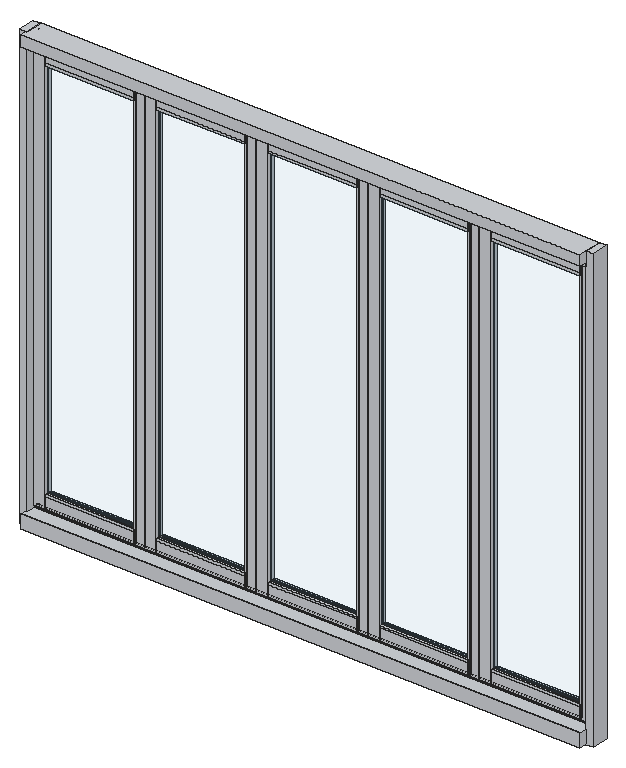
Revit family "MT-HB_BIFOLD DOOR_XXXXX", category Doors, host Wall, Revit 2017 (continued)
Definition of nested family "DETAIL_HB_DETAIL 7"
  Lines and regions (mm)
    model lines, in view "Ref. Level"
      curve 61: spline (25.676, 31.887, 0) -> (25.673, 31.852, 0) -> (25.676, 31.817, 0) -> (25.683, 31.782, 0) -> (25.695, 31.749, 0) -> (25.712, 31.717, 0) -> (25.733, 31.689, 0) -> (25.757, 31.664, 0) -> (25.785, 31.642, 0) -> (25.815, 31.625, 0) -> (25.847, 31.612, 0) -> (25.881, 31.604, 0) -> (25.916, 31.601, 0)
      curve 62: spline (21.71, 31.825, 0) -> (21.709, 31.791, 0) -> (21.713, 31.756, 0) -> (21.721, 31.723, 0) -> (21.734, 31.691, 0) -> (21.751, 31.661, 0) -> (21.771, 31.633, 0) -> (21.796, 31.609, 0) -> (21.823, 31.588, 0) -> (21.853, 31.572, 0) -> (21.885, 31.559, 0) -> (21.918, 31.552, 0) -> (21.952, 31.549, 0)
      curve 63: spline (32.889, -39.458, 0) -> (32.974, -39.457, 0) -> (33.058, -39.457, 0) -> (33.143, -39.457, 0) -> (33.227, -39.456, 0) -> (33.311, -39.456, 0) -> (33.395, -39.456, 0) -> (33.479, -39.455, 0) -> (33.563, -39.455, 0) -> (33.646, -39.455, 0) -> (33.73, -39.454, 0) -> (33.813, -39.454, 0) -> (33.896, -39.454, 0)
      curve 64: line (33.896, -39.454, 0) -> (32.889, -39.455, 0)
      curve 65: spline (140.208, -60.288, 0) -> (140.206, -60.243, 0) -> (140.203, -60.199, 0) -> (140.199, -60.154, 0) -> (140.194, -60.109, 0) -> (140.189, -60.063, 0) -> (140.183, -60.018, 0) -> (140.177, -59.972, 0) -> (140.169, -59.926, 0) -> (140.161, -59.88, 0) -> (140.153, -59.834, 0) -> (140.143, -59.788, 0) -> (140.133, -59.742, 0)
      curve 66: spline (140.133, -59.742, 0) -> (140.077, -59.525, 0) -> (140.007, -59.311, 0) -> (139.924, -59.102, 0) -> (139.828, -58.901, 0) -> (139.721, -58.711, 0) -> (139.605, -58.534, 0) -> (139.48, -58.372, 0) -> (139.349, -58.227, 0) -> (139.213, -58.101, 0) -> (139.074, -57.996, 0) -> (138.933, -57.912, 0) -> (138.792, -57.852, 0)
      curve 67: spline (138.993, -59.742, 0) -> (138.974, -59.536, 0) -> (138.954, -59.333, 0) -> (138.935, -59.134, 0) -> (138.916, -58.942, 0) -> (138.897, -58.758, 0) -> (138.879, -58.584, 0) -> (138.861, -58.422, 0) -> (138.845, -58.275, 0) -> (138.83, -58.143, 0) -> (138.816, -58.027, 0) -> (138.803, -57.93, 0) -> (138.792, -57.852, 0)
      curve 68: spline (139.006, -59.882, 0) -> (139.115, -59.922, 0) -> (139.225, -59.96, 0) -> (139.333, -59.998, 0) -> (139.44, -60.036, 0) -> (139.545, -60.072, 0) -> (139.649, -60.107, 0) -> (139.75, -60.141, 0) -> (139.848, -60.173, 0) -> (139.944, -60.204, 0) -> (140.036, -60.234, 0) -> (140.124, -60.262, 0) -> (140.208, -60.288, 0)
      curve 69: spline (43.965, -54.919, 0) -> (43.973, -54.876, 0) -> (43.98, -54.832, 0) -> (43.987, -54.79, 0) -> (43.994, -54.748, 0) -> (44.001, -54.708, 0) -> (44.007, -54.67, 0) -> (44.012, -54.633, 0) -> (44.017, -54.599, 0) -> (44.022, -54.567, 0) -> (44.026, -54.537, 0) -> (44.029, -54.511, 0) -> (44.032, -54.488, 0)
      curve 70: line (43.965, -54.919, 0) -> (138.993, -59.742, 0)
      curve 71: line (138.792, -57.852, 0) -> (44.032, -54.488, 0)
      curve 72: spline (39.947, -53.326, 0) -> (39.97, -53.289, 0) -> (39.992, -53.252, 0) -> (40.013, -53.216, 0) -> (40.033, -53.181, 0) -> (40.052, -53.147, 0) -> (40.07, -53.116, 0) -> (40.086, -53.086, 0) -> (40.1, -53.059, 0) -> (40.112, -53.035, 0) -> (40.123, -53.014, 0) -> (40.131, -52.996, 0) -> (40.137, -52.982, 0)
      curve 73: line (39.947, -53.326, 0) -> (43.965, -54.919, 0)
      curve 74: line (44.032, -54.488, 0) -> (40.137, -52.982, 0)
      curve 75: spline (39.21, -52.802, 0) -> (39.235, -52.77, 0) -> (39.259, -52.739, 0) -> (39.283, -52.709, 0) -> (39.306, -52.679, 0) -> (39.327, -52.65, 0) -> (39.347, -52.623, 0) -> (39.366, -52.597, 0) -> (39.383, -52.573, 0) -> (39.398, -52.551, 0) -> (39.411, -52.531, 0) -> (39.422, -52.514, 0) -> (39.431, -52.499, 0)
      curve 76: line (39.21, -52.802, 0) -> (39.947, -53.326, 0)
      curve 77: spline (39.431, -52.499, 0) -> (39.488, -52.544, 0) -> (39.546, -52.587, 0) -> (39.604, -52.63, 0) -> (39.663, -52.672, 0) -> (39.721, -52.714, 0) -> (39.78, -52.754, 0) -> (39.839, -52.794, 0) -> (39.898, -52.833, 0) -> (39.958, -52.872, 0) -> (40.017, -52.909, 0) -> (40.077, -52.946, 0) -> (40.137, -52.982, 0)
      curve 78: line (35.579, -48.093, 0) -> (39.21, -52.802, 0)
      curve 79: line (39.431, -52.499, 0) -> (35.749, -48.007, 0)
      curve 80: line (31.641, -39.499, 0) -> (35.579, -48.093, 0)
      curve 81: line (35.749, -48.007, 0) -> (31.732, -39.499, 0)
      curve 82: spline (143.575, -59.332, 0) -> (143.576, -59.288, 0) -> (143.577, -59.243, 0) -> (143.576, -59.198, 0) -> (143.576, -59.153, 0) -> (143.574, -59.107, 0) -> (143.572, -59.062, 0) -> (143.569, -59.016, 0) -> (143.566, -58.97, 0) -> (143.562, -58.924, 0) -> (143.557, -58.878, 0) -> (143.551, -58.832, 0) -> (143.545, -58.786, 0)
      curve 83: line (143.545, -58.786, 0) -> (140.133, -59.742, 0)
      curve 84: line (140.208, -60.288, 0) -> (143.575, -59.332, 0)
      curve 85: spline (144.21, -59.474, 0) -> (144.229, -59.419, 0) -> (144.246, -59.363, 0) -> (144.262, -59.307, 0) -> (144.276, -59.25, 0) -> (144.288, -59.193, 0) -> (144.299, -59.136, 0) -> (144.308, -59.078, 0) -> (144.315, -59.02, 0) -> (144.321, -58.962, 0) -> (144.325, -58.903, 0) -> (144.326, -58.845, 0) -> (144.327, -58.786, 0)
      curve 86: spline (144.327, -58.786, 0) -> (144.305, -58.514, 0) -> (144.245, -58.248, 0) -> (144.149, -57.991, 0) -> (144.018, -57.75, 0) -> (143.856, -57.528, 0) -> (143.664, -57.33, 0) -> (143.446, -57.159, 0) -> (143.208, -57.02, 0) -> (142.952, -56.913, 0) -> (142.685, -56.842, 0) -> (142.411, -56.808, 0) -> (142.135, -56.811, 0)
      curve 87: spline (143.545, -58.786, 0) -> (143.501, -58.54, 0) -> (143.438, -58.298, 0) -> (143.359, -58.064, 0) -> (143.263, -57.84, 0) -> (143.152, -57.632, 0) -> (143.029, -57.441, 0) -> (142.894, -57.271, 0) -> (142.751, -57.124, 0) -> (142.601, -57.003, 0) -> (142.447, -56.91, 0) -> (142.291, -56.846, 0) -> (142.135, -56.811, 0)
      curve 88: spline (143.575, -59.332, 0) -> (143.669, -59.361, 0) -> (143.756, -59.386, 0) -> (143.837, -59.409, 0) -> (143.911, -59.429, 0) -> (143.977, -59.446, 0) -> (144.036, -59.46, 0) -> (144.086, -59.47, 0) -> (144.128, -59.478, 0) -> (144.162, -59.482, 0) -> (144.186, -59.483, 0) -> (144.202, -59.48, 0) -> (144.21, -59.474, 0)
      curve 89: line (31.732, -39.499, 0) -> (32.788, -39.499, 0)
      curve 90: spline (32.767, -39.455, 0) -> (32.657, -39.452, 0) -> (32.549, -39.45, 0) -> (32.441, -39.447, 0) -> (32.335, -39.445, 0) -> (32.231, -39.442, 0) -> (32.128, -39.44, 0) -> (32.027, -39.437, 0) -> (31.928, -39.435, 0) -> (31.831, -39.433, 0) -> (31.736, -39.43, 0) -> (31.644, -39.428, 0) -> (31.554, -39.426, 0)
      curve 91: line (36.671, -47.417, 0) -> (35.039, -44.006, 0)
      curve 92: line (35.039, -44.006, 0) -> (32.788, -39.499, 0)
      curve 93: spline (36.669, -47.414, 0) -> (36.581, -47.466, 0) -> (36.494, -47.518, 0) -> (36.409, -47.57, 0) -> (36.326, -47.621, 0) -> (36.246, -47.672, 0) -> (36.167, -47.722, 0) -> (36.091, -47.772, 0) -> (36.017, -47.821, 0) -> (35.946, -47.869, 0) -> (35.877, -47.916, 0) -> (35.811, -47.962, 0) -> (35.749, -48.007, 0)
      curve 94: line (42.474, -39.499, 0) -> (33.907, -39.499, 0)
      curve 95: line (33.907, -39.499, 0) -> (35.039, -44.006, 0)
      curve 96: line (38.798, -50.172, 0) -> (36.671, -47.417, 0)
      curve 97: line (39.687, -50.891, 0) -> (38.798, -50.172, 0)
      curve 98: line (41.929, -51.455, 0) -> (39.687, -50.891, 0)
      curve 99: line (44.68, -50.436, 0) -> (41.929, -51.455, 0)
      curve 100: line (33.896, -39.454, 0) -> (42.448, -39.369, 0)
      curve 101: line (144.414, -58.559, 0) -> (144.327, -58.786, 0)
      curve 102: line (142.135, -56.811, 0) -> (142.216, -56.555, 0)
      curve 103: line (43.244, -53.417, 0) -> (46.697, -52.414, 0)
      curve 104: spline (43.244, -53.417, 0) -> (43.303, -53.497, 0) -> (43.363, -53.579, 0) -> (43.425, -53.663, 0) -> (43.488, -53.748, 0) -> (43.552, -53.836, 0) -> (43.617, -53.924, 0) -> (43.683, -54.015, 0) -> (43.751, -54.106, 0) -> (43.819, -54.2, 0) -> (43.889, -54.294, 0) -> (43.96, -54.39, 0) -> (44.032, -54.488, 0)
      curve 105: line (142.135, -56.811, 0) -> (138.792, -57.852, 0)
      curve 106: line (30.627, -62.485, 0) -> (33.016, -62.739, 0)
      curve 107: line (37.62, -60.118, 0) -> (33.016, -62.739, 0)
      curve 108: line (30.969, -39.499, 0) -> (37.62, -60.118, 0)
      curve 109: spline (33.016, -62.739, 0) -> (33.053, -62.902, 0) -> (33.101, -63.058, 0) -> (33.16, -63.205, 0) -> (33.229, -63.344, 0) -> (33.308, -63.472, 0) -> (33.396, -63.589, 0) -> (33.492, -63.694, 0) -> (33.596, -63.785, 0) -> (33.707, -63.863, 0) -> (33.824, -63.926, 0) -> (33.946, -63.975, 0) -> (34.072, -64.008, 0)
      curve 110: line (33.907, -39.499, 0) -> (32.909, -39.499, 0)
      curve 111: line (35.039, -44.006, 0) -> (32.909, -39.499, 0)
      curve 112: spline (41.929, -51.455, 0) -> (41.981, -51.666, 0) -> (42.046, -51.872, 0) -> (42.123, -52.073, 0) -> (42.211, -52.267, 0) -> (42.311, -52.453, 0) -> (42.42, -52.629, 0) -> (42.54, -52.795, 0) -> (42.667, -52.948, 0) -> (42.803, -53.087, 0) -> (42.944, -53.213, 0) -> (43.092, -53.323, 0) -> (43.244, -53.417, 0)
      curve 113: line (19.76, -39.394, 0) -> (30.969, -39.452, 0)
      curve 114: line (40.137, -52.982, 0) -> (43.244, -53.417, 0)
      curve 115: line (138.044, -62.523, 0) -> (134.507, -65.236, 0)
      curve 116: line (43.959, -54.954, 0) -> (139.006, -59.882, 0)
      curve 117: line (39.929, -53.356, 0) -> (43.959, -54.954, 0)
      curve 118: spline (39.186, -52.832, 0) -> (39.246, -52.88, 0) -> (39.307, -52.927, 0) -> (39.368, -52.974, 0) -> (39.43, -53.019, 0) -> (39.491, -53.064, 0) -> (39.553, -53.108, 0) -> (39.615, -53.152, 0) -> (39.677, -53.194, 0) -> (39.74, -53.236, 0) -> (39.803, -53.277, 0) -> (39.866, -53.317, 0) -> (39.929, -53.356, 0)
      curve 119: line (35.528, -48.117, 0) -> (39.186, -52.832, 0)
      curve 120: line (31.595, -39.479, 0) -> (35.528, -48.117, 0)
      curve 121: line (38.499, -60.098, 0) -> (31.251, -39.499, 0)
      curve 122: line (134.507, -65.236, 0) -> (38.499, -60.098, 0)
      curve 123: spline (39.687, -50.891, 0) -> (39.627, -51.046, 0) -> (39.574, -51.201, 0) -> (39.527, -51.352, 0) -> (39.487, -51.501, 0) -> (39.455, -51.646, 0) -> (39.429, -51.787, 0) -> (39.411, -51.922, 0) -> (39.4, -52.052, 0) -> (39.396, -52.175, 0) -> (39.4, -52.291, 0) -> (39.412, -52.399, 0) -> (39.431, -52.499, 0)
      curve 124: line (141.947, -63.805, 0) -> (134.768, -69.246, 0)
      curve 125: line (134.596, -66.47, 0) -> (139.247, -62.928, 0)
      curve 126: line (134.768, -69.246, 0) -> (34.253, -63.396, 0)
      curve 127: line (38.245, -61.321, 0) -> (134.596, -66.47, 0)
      curve 128: line (37.626, -61.248, 0) -> (38.245, -61.321, 0)
      curve 129: line (34.253, -63.396, 0) -> (37.626, -61.248, 0)
      curve 130: line (38.499, -60.098, 0) -> (37.62, -60.118, 0)
      curve 131: line (134.768, -69.247, 0) -> (134.806, -69.876, 0)
      curve 132: spline (34.072, -64.008, 0) -> (34.078, -64.005, 0) -> (34.086, -63.992, 0) -> (34.096, -63.97, 0) -> (34.107, -63.94, 0) -> (34.121, -63.9, 0) -> (34.135, -63.852, 0) -> (34.152, -63.795, 0) -> (34.169, -63.73, 0) -> (34.188, -63.658, 0) -> (34.209, -63.577, 0) -> (34.23, -63.49, 0) -> (34.253, -63.396, 0)
      curve 133: spline (141.947, -63.805, 0) -> (142.041, -63.834, 0) -> (142.128, -63.859, 0) -> (142.209, -63.882, 0) -> (142.283, -63.902, 0) -> (142.349, -63.919, 0) -> (142.408, -63.933, 0) -> (142.458, -63.944, 0) -> (142.5, -63.951, 0) -> (142.533, -63.955, 0) -> (142.558, -63.956, 0) -> (142.574, -63.954, 0) -> (142.581, -63.948, 0)
      curve 134: spline (141.963, -63.759, 0) -> (142.057, -63.788, 0) -> (142.145, -63.813, 0) -> (142.226, -63.836, 0) -> (142.3, -63.856, 0) -> (142.366, -63.873, 0) -> (142.424, -63.887, 0) -> (142.475, -63.897, 0) -> (142.517, -63.904, 0) -> (142.55, -63.908, 0) -> (142.575, -63.909, 0) -> (142.591, -63.907, 0) -> (142.598, -63.901, 0)
      curve 135: spline (138.044, -62.523, 0) -> (138.154, -62.562, 0) -> (138.264, -62.601, 0) -> (138.372, -62.639, 0) -> (138.479, -62.676, 0) -> (138.584, -62.713, 0) -> (138.688, -62.748, 0) -> (138.789, -62.782, 0) -> (138.887, -62.814, 0) -> (138.982, -62.845, 0) -> (139.074, -62.875, 0) -> (139.163, -62.902, 0) -> (139.247, -62.928, 0)
      curve 136: spline (134.597, -66.47, 0) -> (134.592, -66.384, 0) -> (134.586, -66.295, 0) -> (134.58, -66.201, 0) -> (134.573, -66.104, 0) -> (134.566, -66.003, 0) -> (134.558, -65.9, 0) -> (134.551, -65.794, 0) -> (134.543, -65.685, 0) -> (134.534, -65.575, 0) -> (134.526, -65.463, 0) -> (134.517, -65.35, 0) -> (134.508, -65.236, 0)
      curve 137: spline (38.245, -61.321, 0) -> (38.264, -61.236, 0) -> (38.283, -61.148, 0) -> (38.304, -61.055, 0) -> (38.324, -60.959, 0) -> (38.346, -60.859, 0) -> (38.367, -60.757, 0) -> (38.389, -60.652, 0) -> (38.411, -60.544, 0) -> (38.433, -60.435, 0) -> (38.455, -60.324, 0) -> (38.477, -60.211, 0) -> (38.499, -60.098, 0)
      curve 138: spline (37.62, -60.118, 0) -> (37.617, -60.222, 0) -> (37.615, -60.325, 0) -> (37.613, -60.428, 0) -> (37.612, -60.528, 0) -> (37.612, -60.627, 0) -> (37.612, -60.724, 0) -> (37.613, -60.818, 0) -> (37.614, -60.91, 0) -> (37.616, -61, 0) -> (37.619, -61.086, 0) -> (37.622, -61.168, 0) -> (37.626, -61.248, 0)
      curve 139: spline (33.016, -62.739, 0) -> (33.098, -62.814, 0) -> (33.185, -62.886, 0) -> (33.277, -62.954, 0) -> (33.373, -63.02, 0) -> (33.473, -63.081, 0) -> (33.577, -63.139, 0) -> (33.684, -63.193, 0) -> (33.794, -63.243, 0) -> (33.906, -63.288, 0) -> (34.02, -63.329, 0) -> (34.136, -63.365, 0) -> (34.253, -63.396, 0)
      curve 140: spline (30.971, -39.306, 0) -> (30.994, -39.306, 0) -> (31.017, -39.306, 0) -> (31.04, -39.306, 0) -> (31.063, -39.306, 0) -> (31.086, -39.306, 0) -> (31.109, -39.306, 0) -> (31.132, -39.306, 0) -> (31.155, -39.306, 0) -> (31.178, -39.306, 0) -> (31.201, -39.306, 0) -> (31.224, -39.306, 0) -> (31.247, -39.306, 0)
      curve 141: line (32.863, -39.304, 0) -> (31.635, -39.306, 0)
      curve 142: line (42.32, -39.248, 0) -> (32.863, -39.304, 0)
      curve 143: line (30.971, -39.306, 0) -> (19.911, -39.248, 0)
      curve 144: spline (30.969, -39.452, 0) -> (30.992, -39.452, 0) -> (31.016, -39.452, 0) -> (31.039, -39.452, 0) -> (31.063, -39.452, 0) -> (31.086, -39.452, 0) -> (31.109, -39.452, 0) -> (31.133, -39.452, 0) -> (31.156, -39.452, 0) -> (31.18, -39.452, 0) -> (31.203, -39.452, 0) -> (31.227, -39.452, 0) -> (31.25, -39.452, 0)
      curve 145: spline (31.554, -39.426, 0) -> (31.554, -39.488, 0) -> (31.568, -39.544, 0) -> (31.592, -39.586, 0) -> (31.624, -39.607, 0) -> (31.657, -39.603, 0) -> (31.687, -39.575, 0) -> (31.708, -39.527, 0) -> (31.717, -39.468, 0) -> (31.713, -39.407, 0) -> (31.695, -39.355, 0) -> (31.668, -39.319, 0) -> (31.635, -39.306, 0)
      curve 146: spline (32.889, -39.455, 0) -> (32.889, -39.435, 0) -> (32.888, -39.416, 0) -> (32.887, -39.397, 0) -> (32.886, -39.379, 0) -> (32.884, -39.363, 0) -> (32.881, -39.348, 0) -> (32.879, -39.335, 0) -> (32.876, -39.324, 0) -> (32.873, -39.315, 0) -> (32.87, -39.309, 0) -> (32.866, -39.305, 0) -> (32.863, -39.304, 0)
      curve 147: line (32.889, 38.055, 0) -> (33.896, 38.054, 0)
      curve 148: spline (33.896, 38.054, 0) -> (33.813, 38.054, 0) -> (33.73, 38.055, 0) -> (33.646, 38.055, 0) -> (33.563, 38.055, 0) -> (33.479, 38.056, 0) -> (33.395, 38.056, 0) -> (33.311, 38.056, 0) -> (33.227, 38.057, 0) -> (33.143, 38.057, 0) -> (33.058, 38.057, 0) -> (32.974, 38.058, 0) -> (32.889, 38.058, 0)
      curve 149: spline (138.792, 56.452, 0) -> (138.803, 56.53, 0) -> (138.816, 56.628, 0) -> (138.83, 56.743, 0) -> (138.845, 56.875, 0) -> (138.861, 57.023, 0) -> (138.879, 57.184, 0) -> (138.897, 57.358, 0) -> (138.916, 57.542, 0) -> (138.935, 57.735, 0) -> (138.954, 57.934, 0) -> (138.974, 58.137, 0) -> (138.993, 58.342, 0)
      curve 150: spline (138.792, 56.452, 0) -> (138.933, 56.513, 0) -> (139.074, 56.596, 0) -> (139.213, 56.701, 0) -> (139.349, 56.827, 0) -> (139.48, 56.972, 0) -> (139.605, 57.134, 0) -> (139.721, 57.311, 0) -> (139.828, 57.501, 0) -> (139.924, 57.702, 0) -> (140.007, 57.911, 0) -> (140.077, 58.125, 0) -> (140.133, 58.342, 0)
      curve 151: spline (140.133, 58.342, 0) -> (140.143, 58.388, 0) -> (140.153, 58.434, 0) -> (140.161, 58.48, 0) -> (140.169, 58.526, 0) -> (140.177, 58.572, 0) -> (140.183, 58.618, 0) -> (140.189, 58.664, 0) -> (140.194, 58.709, 0) -> (140.199, 58.754, 0) -> (140.203, 58.799, 0) -> (140.206, 58.844, 0) -> (140.208, 58.888, 0)
      curve 152: spline (140.208, 58.888, 0) -> (140.124, 58.862, 0) -> (140.036, 58.834, 0) -> (139.944, 58.805, 0) -> (139.848, 58.774, 0) -> (139.75, 58.741, 0) -> (139.649, 58.707, 0) -> (139.545, 58.672, 0) -> (139.44, 58.636, 0) -> (139.333, 58.599, 0) -> (139.225, 58.561, 0) -> (139.115, 58.522, 0) -> (139.006, 58.482, 0)
      curve 153: line (43.965, 53.519, 0) -> (138.993, 58.342, 0)
      curve 154: line (43.959, 53.555, 0) -> (139.006, 58.482, 0)
      curve 155: line (39.947, 51.926, 0) -> (43.965, 53.519, 0)
      curve 156: line (39.929, 51.956, 0) -> (43.959, 53.555, 0)
      curve 157: line (39.21, 51.402, 0) -> (39.947, 51.926, 0)
      curve 158: spline (39.929, 51.956, 0) -> (39.866, 51.917, 0) -> (39.803, 51.877, 0) -> (39.74, 51.836, 0) -> (39.677, 51.794, 0) -> (39.615, 51.752, 0) -> (39.553, 51.709, 0) -> (39.491, 51.665, 0) -> (39.43, 51.62, 0) -> (39.368, 51.574, 0) -> (39.307, 51.528, 0) -> (39.246, 51.48, 0) -> (39.186, 51.432, 0)
      curve 159: line (35.579, 46.694, 0) -> (39.21, 51.402, 0)
      curve 160: line (35.528, 46.717, 0) -> (39.186, 51.432, 0)
      curve 161: line (31.641, 38.099, 0) -> (35.579, 46.694, 0)
      curve 162: line (31.605, 38.099, 0) -> (35.528, 46.717, 0)
      curve 163: line (140.133, 58.342, 0) -> (143.545, 57.387, 0)
      curve 164: spline (143.545, 57.387, 0) -> (143.551, 57.433, 0) -> (143.557, 57.479, 0) -> (143.562, 57.525, 0) -> (143.566, 57.571, 0) -> (143.569, 57.617, 0) -> (143.572, 57.662, 0) -> (143.574, 57.708, 0) -> (143.576, 57.753, 0) -> (143.576, 57.798, 0) -> (143.577, 57.843, 0) -> (143.576, 57.888, 0) -> (143.575, 57.933, 0)
      curve 165: line (140.208, 58.888, 0) -> (143.575, 57.933, 0)
      curve 166: spline (142.135, 55.412, 0) -> (142.291, 55.446, 0) -> (142.447, 55.51, 0) -> (142.601, 55.604, 0) -> (142.751, 55.725, 0) -> (142.894, 55.871, 0) -> (143.029, 56.041, 0) -> (143.152, 56.232, 0) -> (143.263, 56.441, 0) -> (143.359, 56.664, 0) -> (143.438, 56.899, 0) -> (143.501, 57.141, 0) -> (143.545, 57.387, 0)
      curve 167: spline (142.135, 55.412, 0) -> (142.411, 55.409, 0) -> (142.685, 55.443, 0) -> (142.952, 55.514, 0) -> (143.208, 55.62, 0) -> (143.446, 55.76, 0) -> (143.664, 55.93, 0) -> (143.856, 56.128, 0) -> (144.018, 56.35, 0) -> (144.149, 56.592, 0) -> (144.245, 56.848, 0) -> (144.305, 57.115, 0) -> (144.327, 57.387, 0)
      curve 168: spline (144.327, 57.387, 0) -> (144.326, 57.445, 0) -> (144.325, 57.504, 0) -> (144.321, 57.562, 0) -> (144.315, 57.62, 0) -> (144.308, 57.678, 0) -> (144.299, 57.736, 0) -> (144.288, 57.794, 0) -> (144.276, 57.851, 0) -> (144.262, 57.908, 0) -> (144.246, 57.964, 0) -> (144.229, 58.02, 0) -> (144.21, 58.075, 0)
      curve 169: spline (144.21, 58.075, 0) -> (144.202, 58.08, 0) -> (144.186, 58.083, 0) -> (144.162, 58.082, 0) -> (144.128, 58.078, 0) -> (144.086, 58.071, 0) -> (144.036, 58.06, 0) -> (143.977, 58.046, 0) -> (143.911, 58.029, 0) -> (143.837, 58.009, 0) -> (143.756, 57.987, 0) -> (143.669, 57.961, 0) -> (143.575, 57.933, 0)
      curve 170: spline (31.754, 38.031, 0) -> (31.831, 38.033, 0) -> (31.911, 38.035, 0) -> (31.991, 38.037, 0) -> (32.073, 38.039, 0) -> (32.156, 38.041, 0) -> (32.241, 38.043, 0) -> (32.326, 38.045, 0) -> (32.413, 38.047, 0) -> (32.5, 38.049, 0) -> (32.588, 38.051, 0) -> (32.677, 38.053, 0) -> (32.767, 38.055, 0)
      curve 171: line (31.732, 38.099, 0) -> (32.788, 38.099, 0)
      curve 172: line (32.788, 38.099, 0) -> (35.039, 42.607, 0)
      curve 173: line (36.671, 46.017, 0) -> (35.039, 42.607, 0)
      curve 174: spline (35.749, 46.608, 0) -> (35.811, 46.562, 0) -> (35.877, 46.516, 0) -> (35.946, 46.469, 0) -> (36.017, 46.421, 0) -> (36.091, 46.372, 0) -> (36.167, 46.322, 0) -> (36.246, 46.272, 0) -> (36.326, 46.221, 0) -> (36.409, 46.17, 0) -> (36.494, 46.118, 0) -> (36.581, 46.066, 0) -> (36.669, 46.014, 0)
      curve 175: line (35.749, 46.608, 0) -> (31.732, 38.099, 0)
      curve 176: line (33.907, 38.099, 0) -> (32.909, 38.099, 0)
      curve 177: line (33.907, 38.099, 0) -> (35.039, 42.607, 0)
      curve 178: line (35.039, 42.607, 0) -> (32.909, 38.099, 0)
      curve 179: line (144.327, 57.387, 0) -> (144.414, 57.159, 0)
      curve 180: line (33.896, 38.054, 0) -> (42.448, 37.969, 0)
      curve 181: line (42.474, 38.099, 0) -> (33.907, 38.099, 0)
      curve 182: line (142.216, 55.156, 0) -> (142.135, 55.412, 0)
      curve 183: line (44.68, 49.037, 0) -> (41.929, 50.056, 0)
      curve 184: line (41.929, 50.056, 0) -> (39.687, 49.491, 0)
      curve 185: line (39.687, 49.491, 0) -> (38.798, 48.773, 0)
      curve 186: line (38.798, 48.773, 0) -> (36.671, 46.017, 0)
      curve 187: line (43.244, 52.017, 0) -> (46.697, 51.014, 0)
      curve 188: line (142.135, 55.412, 0) -> (138.792, 56.452, 0)
      curve 189: line (138.792, 56.452, 0) -> (44.032, 53.088, 0)
      curve 190: spline (44.032, 53.088, 0) -> (43.96, 52.991, 0) -> (43.889, 52.895, 0) -> (43.819, 52.8, 0) -> (43.751, 52.707, 0) -> (43.683, 52.615, 0) -> (43.617, 52.525, 0) -> (43.552, 52.436, 0) -> (43.488, 52.349, 0) -> (43.425, 52.263, 0) -> (43.363, 52.18, 0) -> (43.303, 52.097, 0) -> (43.244, 52.017, 0)
      curve 191: line (33.016, 61.34, 0) -> (30.627, 61.085, 0)
      curve 192: line (30.988, 38.159, 0) -> (37.62, 58.718, 0)
      curve 193: line (37.62, 58.718, 0) -> (33.016, 61.34, 0)
      curve 194: spline (43.244, 52.017, 0) -> (43.092, 51.923, 0) -> (42.944, 51.813, 0) -> (42.803, 51.688, 0) -> (42.667, 51.548, 0) -> (42.54, 51.395, 0) -> (42.42, 51.23, 0) -> (42.311, 51.054, 0) -> (42.211, 50.868, 0) -> (42.123, 50.673, 0) -> (42.046, 50.472, 0) -> (41.981, 50.266, 0) -> (41.929, 50.056, 0)
      curve 195: spline (34.072, 62.609, 0) -> (33.946, 62.575, 0) -> (33.824, 62.527, 0) -> (33.707, 62.463, 0) -> (33.596, 62.385, 0) -> (33.492, 62.294, 0) -> (33.396, 62.189, 0) -> (33.308, 62.072, 0) -> (33.229, 61.944, 0) -> (33.16, 61.806, 0) -> (33.101, 61.658, 0) -> (33.053, 61.502, 0) -> (33.016, 61.34, 0)
      curve 196: line (19.76, 37.994, 0) -> (26.263, 38.047, 0)
      curve 197: line (44.032, 53.088, 0) -> (40.137, 51.582, 0)
      curve 198: line (40.137, 51.582, 0) -> (43.244, 52.017, 0)
      curve 199: line (138.044, 61.123, 0) -> (134.507, 63.836, 0)
      curve 200: line (134.507, 63.836, 0) -> (38.499, 58.699, 0)
      curve 201: line (38.499, 58.699, 0) -> (31.257, 38.116, 0)
      curve 202: spline (39.431, 51.1, 0) -> (39.412, 50.999, 0) -> (39.4, 50.891, 0) -> (39.396, 50.775, 0) -> (39.4, 50.652, 0) -> (39.411, 50.522, 0) -> (39.429, 50.387, 0) -> (39.455, 50.247, 0) -> (39.487, 50.102, 0) -> (39.527, 49.953, 0) -> (39.574, 49.801, 0) -> (39.627, 49.647, 0) -> (39.687, 49.491, 0)
      curve 203: line (39.431, 51.1, 0) -> (35.749, 46.608, 0)
      curve 204: spline (40.137, 51.582, 0) -> (40.077, 51.546, 0) -> (40.017, 51.51, 0) -> (39.958, 51.472, 0) -> (39.898, 51.434, 0) -> (39.839, 51.395, 0) -> (39.78, 51.355, 0) -> (39.721, 51.314, 0) -> (39.663, 51.273, 0) -> (39.604, 51.231, 0) -> (39.546, 51.188, 0) -> (39.488, 51.144, 0) -> (39.431, 51.1, 0)
      curve 205: line (134.596, 65.07, 0) -> (139.247, 61.529, 0)
      curve 206: line (141.947, 62.405, 0) -> (134.77, 67.847, 0)
      curve 207: line (134.77, 67.847, 0) -> (34.253, 61.996, 0)
      curve 208: line (34.253, 61.996, 0) -> (37.626, 59.848, 0)
      curve 209: line (37.626, 59.848, 0) -> (38.245, 59.921, 0)
      curve 210: line (38.245, 59.921, 0) -> (134.596, 65.07, 0)
      curve 211: line (38.499, 58.699, 0) -> (37.62, 58.718, 0)
      curve 212: spline (34.253, 61.996, 0) -> (34.23, 62.091, 0) -> (34.209, 62.178, 0) -> (34.188, 62.258, 0) -> (34.169, 62.331, 0) -> (34.152, 62.396, 0) -> (34.135, 62.452, 0) -> (34.121, 62.5, 0) -> (34.107, 62.54, 0) -> (34.096, 62.571, 0) -> (34.086, 62.592, 0) -> (34.078, 62.605, 0) -> (34.072, 62.609, 0)
      curve 213: spline (134.803, 68.414, 0) -> (134.803, 68.424, 0) -> (134.803, 68.433, 0) -> (134.802, 68.442, 0) -> (134.802, 68.449, 0) -> (134.802, 68.456, 0) -> (134.801, 68.461, 0) -> (134.801, 68.466, 0) -> (134.8, 68.47, 0) -> (134.8, 68.473, 0) -> (134.799, 68.475, 0) -> (134.798, 68.476, 0) -> (134.797, 68.477, 0)
      curve 214: spline (142.581, 62.548, 0) -> (142.574, 62.554, 0) -> (142.558, 62.556, 0) -> (142.533, 62.555, 0) -> (142.5, 62.551, 0) -> (142.458, 62.544, 0) -> (142.408, 62.533, 0) -> (142.349, 62.519, 0) -> (142.283, 62.502, 0) -> (142.209, 62.483, 0) -> (142.128, 62.46, 0) -> (142.041, 62.434, 0) -> (141.947, 62.405, 0)
      curve 215: spline (142.598, 62.502, 0) -> (142.591, 62.507, 0) -> (142.575, 62.51, 0) -> (142.55, 62.509, 0) -> (142.517, 62.505, 0) -> (142.475, 62.497, 0) -> (142.424, 62.487, 0) -> (142.366, 62.473, 0) -> (142.3, 62.456, 0) -> (142.226, 62.436, 0) -> (142.145, 62.413, 0) -> (142.057, 62.388, 0) -> (141.963, 62.359, 0)
      curve 216: spline (39.431, 51.1, 0) -> (39.422, 51.114, 0) -> (39.411, 51.132, 0) -> (39.398, 51.151, 0) -> (39.383, 51.173, 0) -> (39.366, 51.197, 0) -> (39.347, 51.223, 0) -> (39.327, 51.25, 0) -> (39.306, 51.279, 0) -> (39.283, 51.309, 0) -> (39.259, 51.34, 0) -> (39.235, 51.371, 0) -> (39.21, 51.402, 0)
      curve 217: spline (40.137, 51.582, 0) -> (40.131, 51.597, 0) -> (40.123, 51.614, 0) -> (40.112, 51.636, 0) -> (40.1, 51.66, 0) -> (40.086, 51.686, 0) -> (40.07, 51.716, 0) -> (40.052, 51.747, 0) -> (40.033, 51.781, 0) -> (40.013, 51.816, 0) -> (39.992, 51.852, 0) -> (39.97, 51.889, 0) -> (39.947, 51.926, 0)
      curve 218: spline (44.032, 53.088, 0) -> (44.029, 53.112, 0) -> (44.026, 53.138, 0) -> (44.022, 53.167, 0) -> (44.017, 53.199, 0) -> (44.012, 53.233, 0) -> (44.007, 53.27, 0) -> (44.001, 53.309, 0) -> (43.994, 53.349, 0) -> (43.987, 53.39, 0) -> (43.98, 53.433, 0) -> (43.973, 53.476, 0) -> (43.965, 53.519, 0)
      curve 219: spline (139.247, 61.529, 0) -> (139.163, 61.503, 0) -> (139.074, 61.475, 0) -> (138.982, 61.446, 0) -> (138.887, 61.414, 0) -> (138.789, 61.382, 0) -> (138.688, 61.348, 0) -> (138.584, 61.313, 0) -> (138.479, 61.277, 0) -> (138.372, 61.239, 0) -> (138.264, 61.201, 0) -> (138.154, 61.163, 0) -> (138.044, 61.123, 0)
      curve 220: spline (134.508, 63.836, 0) -> (134.517, 63.951, 0) -> (134.526, 64.064, 0) -> (134.534, 64.176, 0) -> (134.543, 64.287, 0) -> (134.551, 64.396, 0) -> (134.559, 64.502, 0) -> (134.566, 64.606, 0) -> (134.573, 64.707, 0) -> (134.58, 64.804, 0) -> (134.586, 64.898, 0) -> (134.592, 64.988, 0) -> (134.597, 65.074, 0)
      curve 221: spline (38.499, 58.699, 0) -> (38.477, 58.812, 0) -> (38.455, 58.924, 0) -> (38.433, 59.035, 0) -> (38.411, 59.144, 0) -> (38.389, 59.252, 0) -> (38.367, 59.357, 0) -> (38.346, 59.46, 0) -> (38.324, 59.559, 0) -> (38.304, 59.655, 0) -> (38.283, 59.748, 0) -> (38.264, 59.837, 0) -> (38.245, 59.921, 0)
      curve 222: spline (37.626, 59.848, 0) -> (37.622, 59.769, 0) -> (37.619, 59.686, 0) -> (37.616, 59.6, 0) -> (37.614, 59.511, 0) -> (37.613, 59.419, 0) -> (37.612, 59.324, 0) -> (37.612, 59.227, 0) -> (37.612, 59.129, 0) -> (37.613, 59.028, 0) -> (37.615, 58.926, 0) -> (37.617, 58.822, 0) -> (37.62, 58.718, 0)
      curve 223: spline (34.253, 61.996, 0) -> (34.136, 61.965, 0) -> (34.02, 61.929, 0) -> (33.906, 61.888, 0) -> (33.794, 61.843, 0) -> (33.684, 61.794, 0) -> (33.577, 61.74, 0) -> (33.473, 61.682, 0) -> (33.373, 61.62, 0) -> (33.277, 61.555, 0) -> (33.185, 61.486, 0) -> (33.098, 61.414, 0) -> (33.016, 61.34, 0)
      curve 224: line (25.559, 37.899, 0) -> (19.911, 37.848, 0)
      curve 225: line (42.32, 37.848, 0) -> (32.863, 37.904, 0)
      curve 226: line (32.863, 37.904, 0) -> (32.431, 37.905, 0)
      curve 227: spline (32.863, 37.904, 0) -> (32.866, 37.906, 0) -> (32.87, 37.909, 0) -> (32.873, 37.916, 0) -> (32.876, 37.925, 0) -> (32.879, 37.936, 0) -> (32.881, 37.949, 0) -> (32.884, 37.963, 0) -> (32.886, 37.98, 0) -> (32.887, 37.997, 0) -> (32.888, 38.016, 0) -> (32.889, 38.035, 0) -> (32.889, 38.055, 0)
      curve 228: arc (12.094, -9, 0) -> (12.268, -8.93, 0) -> (12.344, -8.759, 0) r 0.25
      curve 229: arc (14.119, 7.5, 0) -> (13.251, 7.149, 0) -> (12.87, 6.294, 0) r 1.25
      curve 230: arc (26.322, 6.294, 0) -> (25.941, 7.149, 0) -> (25.073, 7.5, 0) r 1.25
      curve 231: arc (26.847, -8.759, 0) -> (26.924, -8.93, 0) -> (27.097, -9, 0) r 0.25
      curve 232: arc (5.081, 9, 0) -> (4.904, 8.927, 0) -> (4.831, 8.75, 0) r 0.25
      curve 233: spline (43.579, 9, 0) -> (43.905, 9, 0) -> (44.226, 9, 0) -> (44.535, 8.999, 0) -> (44.829, 8.999, 0) -> (45.1, 8.999, 0) -> (45.346, 8.999, 0) -> (45.562, 8.999, 0) -> (45.744, 8.999, 0) -> (45.888, 8.999, 0) -> (45.993, 9, 0) -> (46.057, 9, 0) -> (46.079, 9, 0)
      curve 234: spline (43.422, -9, 0) -> (43.748, -9, 0) -> (44.069, -9, 0) -> (44.378, -9.001, 0) -> (44.672, -9.001, 0) -> (44.943, -9.001, 0) -> (45.189, -9.001, 0) -> (45.405, -9.001, 0) -> (45.587, -9.001, 0) -> (45.731, -9.001, 0) -> (45.836, -9, 0) -> (45.9, -9, 0) -> (45.921, -9, 0)
      curve 235: spline (4.581, 8.752, 0) -> (4.583, 8.752, 0) -> (4.589, 8.752, 0) -> (4.6, 8.751, 0) -> (4.614, 8.751, 0) -> (4.632, 8.751, 0) -> (4.654, 8.751, 0) -> (4.679, 8.75, 0) -> (4.706, 8.75, 0) -> (4.735, 8.75, 0) -> (4.766, 8.75, 0) -> (4.798, 8.75, 0) -> (4.831, 8.75, 0)
      curve 236: spline (12.344, -8.759, 0) -> (12.377, -8.76, 0) -> (12.409, -8.761, 0) -> (12.44, -8.762, 0) -> (12.469, -8.763, 0) -> (12.496, -8.764, 0) -> (12.521, -8.764, 0) -> (12.542, -8.765, 0) -> (12.56, -8.765, 0) -> (12.575, -8.765, 0) -> (12.585, -8.766, 0) -> (12.592, -8.765, 0) -> (12.594, -8.765, 0)
      curve 237: spline (12.87, 6.294, 0) -> (12.902, 6.293, 0) -> (12.934, 6.291, 0) -> (12.965, 6.29, 0) -> (12.995, 6.29, 0) -> (13.022, 6.289, 0) -> (13.046, 6.288, 0) -> (13.068, 6.288, 0) -> (13.086, 6.287, 0) -> (13.101, 6.287, 0) -> (13.111, 6.287, 0) -> (13.117, 6.287, 0) -> (13.12, 6.287, 0)
      curve 238: spline (26.072, 6.287, 0) -> (26.074, 6.287, 0) -> (26.08, 6.287, 0) -> (26.091, 6.287, 0) -> (26.105, 6.287, 0) -> (26.124, 6.288, 0) -> (26.145, 6.288, 0) -> (26.17, 6.289, 0) -> (26.197, 6.29, 0) -> (26.226, 6.29, 0) -> (26.257, 6.291, 0) -> (26.289, 6.293, 0) -> (26.322, 6.294, 0)
      curve 239: spline (26.598, -8.765, 0) -> (26.6, -8.765, 0) -> (26.606, -8.766, 0) -> (26.617, -8.765, 0) -> (26.631, -8.765, 0) -> (26.649, -8.765, 0) -> (26.671, -8.764, 0) -> (26.695, -8.764, 0) -> (26.722, -8.763, 0) -> (26.752, -8.762, 0) -> (26.783, -8.761, 0) -> (26.815, -8.76, 0) -> (26.847, -8.759, 0)
      curve 240: spline (5.081, 9.252, 0) -> (4.983, 9.248, 0) -> (4.887, 9.235, 0) -> (4.794, 9.214, 0) -> (4.706, 9.185, 0) -> (4.624, 9.149, 0) -> (4.55, 9.106, 0) -> (4.486, 9.057, 0) -> (4.431, 9.002, 0) -> (4.388, 8.944, 0) -> (4.356, 8.882, 0) -> (4.337, 8.817, 0) -> (4.331, 8.752, 0)
      curve 241: spline (5.508, -9.175, 0) -> (5.512, -9.173, 0) -> (5.526, -9.169, 0) -> (5.548, -9.162, 0) -> (5.579, -9.152, 0) -> (5.617, -9.139, 0) -> (5.662, -9.124, 0) -> (5.714, -9.107, 0) -> (5.772, -9.088, 0) -> (5.834, -9.067, 0) -> (5.899, -9.046, 0) -> (5.967, -9.023, 0) -> (6.036, -9, 0)
      curve 242: arc (-0.101, 5.397, 0) -> (-5.663, 0.809, 0) -> (-9.42, -5.346, 0) r 21.75
      curve 243: spline (-0.101, 5.647, 0) -> (-0.101, 5.645, 0) -> (-0.102, 5.638, 0) -> (-0.102, 5.628, 0) -> (-0.103, 5.613, 0) -> (-0.103, 5.595, 0) -> (-0.103, 5.574, 0) -> (-0.103, 5.549, 0) -> (-0.103, 5.522, 0) -> (-0.102, 5.493, 0) -> (-0.102, 5.462, 0) -> (-0.101, 5.43, 0) -> (-0.101, 5.397, 0)
      curve 244: spline (-0.22, 5.613, 0) -> (-0.22, 5.611, 0) -> (-0.217, 5.606, 0) -> (-0.212, 5.596, 0) -> (-0.206, 5.584, 0) -> (-0.197, 5.568, 0) -> (-0.187, 5.549, 0) -> (-0.175, 5.528, 0) -> (-0.162, 5.505, 0) -> (-0.148, 5.479, 0) -> (-0.133, 5.453, 0) -> (-0.117, 5.425, 0) -> (-0.101, 5.397, 0)
      curve 245: spline (-9.42, -6.789, 0) -> (-9.421, -6.822, 0) -> (-9.421, -6.854, 0) -> (-9.422, -6.885, 0) -> (-9.422, -6.914, 0) -> (-9.422, -6.941, 0) -> (-9.423, -6.966, 0) -> (-9.422, -6.987, 0) -> (-9.422, -7.006, 0) -> (-9.422, -7.02, 0) -> (-9.421, -7.031, 0) -> (-9.421, -7.037, 0) -> (-9.42, -7.039, 0)
      curve 246: arc (25.655, 6.183, 0) -> (25.426, 6.696, 0) -> (24.905, 6.907, 0) r 0.75
      curve 247: arc (14.306, 6.907, 0) -> (13.785, 6.696, 0) -> (13.557, 6.183, 0) r 0.75
      curve 248: spline (25.789, -9.248, 0) -> (25.82, -9.244, 0) -> (25.851, -9.232, 0) -> (25.88, -9.213, 0) -> (25.909, -9.187, 0) -> (25.935, -9.153, 0) -> (25.959, -9.113, 0) -> (25.981, -9.068, 0) -> (25.999, -9.018, 0) -> (26.014, -8.963, 0) -> (26.026, -8.905, 0) -> (26.034, -8.845, 0) -> (26.038, -8.783, 0)
      curve 249: spline (13.173, -8.783, 0) -> (13.178, -8.845, 0) -> (13.186, -8.905, 0) -> (13.197, -8.963, 0) -> (13.212, -9.018, 0) -> (13.231, -9.068, 0) -> (13.252, -9.113, 0) -> (13.277, -9.153, 0) -> (13.303, -9.187, 0) -> (13.331, -9.213, 0) -> (13.361, -9.232, 0) -> (13.392, -9.244, 0) -> (13.423, -9.248, 0)
      curve 250: spline (12.592, -8.797, 0) -> (12.642, -8.797, 0) -> (12.689, -8.797, 0) -> (12.733, -8.796, 0) -> (12.772, -8.796, 0) -> (12.807, -8.795, 0) -> (12.838, -8.794, 0) -> (12.864, -8.792, 0) -> (12.886, -8.791, 0) -> (12.903, -8.789, 0) -> (12.915, -8.787, 0) -> (12.922, -8.785, 0) -> (12.924, -8.783, 0)
      curve 251: spline (12.924, -8.783, 0) -> (12.926, -8.785, 0) -> (12.933, -8.787, 0) -> (12.943, -8.788, 0) -> (12.958, -8.789, 0) -> (12.976, -8.79, 0) -> (12.998, -8.79, 0) -> (13.022, -8.79, 0) -> (13.049, -8.789, 0) -> (13.078, -8.788, 0) -> (13.109, -8.787, 0) -> (13.141, -8.785, 0) -> (13.173, -8.783, 0)
      curve 252: spline (13.557, 6.183, 0) -> (13.524, 6.184, 0) -> (13.492, 6.185, 0) -> (13.461, 6.186, 0) -> (13.432, 6.186, 0) -> (13.405, 6.187, 0) -> (13.38, 6.188, 0) -> (13.359, 6.188, 0) -> (13.34, 6.188, 0) -> (13.326, 6.188, 0) -> (13.315, 6.188, 0) -> (13.309, 6.188, 0) -> (13.307, 6.187, 0)
      curve 253: line (42.49, -38.852, 0) -> (19.622, -38.852, 0)
      curve 254: line (36.6, 31.221, 0) -> (32.72, 31.221, 0)
      curve 255: line (34.794, 37.45, 0) -> (42.559, 37.45, 0)
      curve 256: line (22.913, 37.45, 0) -> (19.553, 37.45, 0)
      curve 257: line (29.392, 31.221, 0) -> (25.512, 31.221, 0)
      curve 258: line (27.556, 21.45, 0) -> (27.556, 9.401, 0)
      curve 259: line (27.556, -10.897, 0) -> (27.556, -16.98, 0)
      curve 260: line (34.556, -16.98, 0) -> (34.556, -10.897, 0)
      curve 261: line (34.556, 9.403, 0) -> (34.556, 21.45, 0)
      curve 262: line (35.074, -22.938, 0) -> (38.236, -22.938, 0)
      curve 263: line (23.875, -22.938, 0) -> (27.038, -22.938, 0)
      curve 264: line (40.612, -39.248, 0) -> (42.3, -39.248, 0)
      curve 265: line (19.911, -39.248, 0) -> (21.499, -39.248, 0)
      curve 266: line (139.006, -59.882, 0) -> (138.044, -62.523, 0)
      curve 267: line (140.208, -60.288, 0) -> (139.247, -62.928, 0)
      curve 268: line (139.247, -62.928, 0) -> (141.963, -63.759, 0)
      curve 269: line (141.963, -63.759, 0) -> (143.575, -59.332, 0)
      curve 270: line (134.597, -66.473, 0) -> (134.768, -69.246, 0)
      curve 271: line (31.595, -39.479, 0) -> (31.579, -39.306, 0)
      curve 272: line (31.579, -39.306, 0) -> (31.247, -39.306, 0)
      curve 273: line (31.247, -39.306, 0) -> (31.251, -39.499, 0)
      curve 274: line (31.251, -39.499, 0) -> (31.593, -39.451, 0)
      curve 275: line (38.236, 21.539, 0) -> (33.969, 21.539, 0)
      curve 276: line (28.144, 21.539, 0) -> (23.875, 21.539, 0)
      curve 277: line (40.612, 37.848, 0) -> (42.3, 37.848, 0)
      curve 278: line (19.911, 37.848, 0) -> (21.499, 37.848, 0)
      curve 279: line (139.006, 58.482, 0) -> (138.044, 61.123, 0)
      curve 280: line (140.208, 58.888, 0) -> (139.247, 61.529, 0)
      curve 281: line (139.247, 61.529, 0) -> (141.963, 62.359, 0)
      curve 282: line (141.963, 62.359, 0) -> (143.575, 57.933, 0)
      curve 283: line (134.597, 65.074, 0) -> (134.803, 68.414, 0)
      curve 284: line (12.741, -7.327, 0) -> (12.773, -6.364, 0)
      curve 285: line (12.869, -6.364, 0) -> (12.931, 0.878, 0)
      curve 286: line (25.343, 7.051, 0) -> (25.34, 7.216, 0)
      curve 287: line (4.831, 8.75, 0) -> (4.831, -7.795, 0)
      curve 288: line (4.831, -7.795, 0) -> (6.036, -9, 0)
      curve 289: line (6.036, -9, 0) -> (12.094, -9, 0)
      curve 290: line (12.094, -9, 0) -> (12.094, -9.248, 0)
      curve 291: line (12.344, -8.759, 0) -> (12.87, 6.294, 0)
      curve 292: line (14.119, 7.252, 0) -> (14.119, 7.5, 0)
      curve 293: line (14.119, 7.5, 0) -> (25.073, 7.5, 0)
      curve 294: line (25.073, 7.5, 0) -> (25.073, 7.252, 0)
      curve 295: line (26.322, 6.294, 0) -> (26.847, -8.759, 0)
      curve 296: line (27.097, -9.248, 0) -> (27.097, -9, 0)
      curve 297: line (27.097, -9, 0) -> (43.422, -9, 0)
      curve 298: line (43.422, -9, 0) -> (43.579, 9, 0)
      curve 299: line (43.579, 9, 0) -> (5.081, 9, 0)
      curve 300: line (5.081, 9, 0) -> (5.081, 9.252, 0)
      curve 301: line (43.579, 9, 0) -> (43.579, 9.252, 0)
      curve 302: line (6.036, -9.248, 0) -> (6.036, -9, 0)
      curve 303: line (43.556, -10.748, 0) -> (43.422, -9.248, 0)
      curve 304: line (43.422, -9.248, 0) -> (43.422, -9, 0)
      curve 305: line (3.581, 9.252, 0) -> (3.592, 8.752, 0)
      curve 306: line (4.806, -9.248, 0) -> (4.806, -10.748, 0)
      curve 307: line (4.556, -8.998, 0) -> (3.056, -8.998, 0)
      curve 308: line (-9.42, -5.346, 0) -> (-9.42, -6.789, 0)
      curve 309: line (-9.42, -6.789, 0) -> (1.056, -7.018, 0)
      curve 310: line (1.056, 5.422, 0) -> (-0.101, 5.397, 0)
      curve 311: line (-9.665, -6.789, 0) -> (-9.42, -6.789, 0)
      curve 312: line (-4.307, 2.576, 0) -> (-4.997, 2.579, 0)
      curve 313: line (-4.997, 2.579, 0) -> (-4.217, 2.661, 0)
      curve 314: line (18.807, -10.809, 0) -> (16.932, -10.868, 0)
      curve 315: line (16.932, -10.868, 0) -> (15.057, -10.809, 0)
      curve 316: line (24.905, 7.152, 0) -> (24.905, 6.907, 0)
      curve 317: line (24.905, 6.907, 0) -> (14.306, 6.907, 0)
      curve 318: line (14.306, 6.907, 0) -> (14.306, 7.152, 0)
      curve 319: line (13.557, 6.183, 0) -> (13.081, -7.448, 0)
      curve 320: line (13.081, -7.448, 0) -> (13.173, -8.783, 0)
      curve 321: line (13.173, -8.783, 0) -> (26.038, -8.783, 0)
      curve 322: line (26.038, -8.783, 0) -> (26.131, -7.448, 0)
      curve 323: line (26.131, -7.448, 0) -> (25.655, 6.183, 0)
      curve 324: line (4.674, -8.783, 0) -> (5.116, -8.783, 0)
      curve 325: spline (25.905, 6.187, 0) -> (25.902, 6.188, 0) -> (25.896, 6.188, 0) -> (25.886, 6.188, 0) -> (25.871, 6.188, 0) -> (25.853, 6.188, 0) -> (25.831, 6.188, 0) -> (25.807, 6.187, 0) -> (25.78, 6.186, 0) -> (25.75, 6.186, 0) -> (25.719, 6.185, 0) -> (25.687, 6.184, 0) -> (25.655, 6.183, 0)
      curve 326: spline (26.038, -8.783, 0) -> (26.07, -8.785, 0) -> (26.102, -8.787, 0) -> (26.133, -8.788, 0) -> (26.162, -8.789, 0) -> (26.189, -8.79, 0) -> (26.214, -8.79, 0) -> (26.235, -8.79, 0) -> (26.254, -8.789, 0) -> (26.268, -8.788, 0) -> (26.279, -8.787, 0) -> (26.285, -8.785, 0) -> (26.287, -8.783, 0)
      curve 327: line (43.99, -30.837, 0) -> (18.122, -30.837, 0)
      curve 328: line (16.156, -23.248, 0) -> (16.91, -23.248, 0)
      curve 329: line (45.202, -23.248, 0) -> (45.956, -23.248, 0)
      curve 330: line (44.744, -30.118, 0) -> (44.69, -30.426, 0)
      curve 331: line (17.421, -30.426, 0) -> (17.367, -30.118, 0)
      curve 332: arc (44.495, -30.866, 0) -> (44.143, -31.443, 0) -> (43.928, -32.084, 0) r 3
      curve 333: arc (18.183, -32.084, 0) -> (17.969, -31.443, 0) -> (17.617, -30.866, 0) r 3
      curve 334: arc (44.495, -30.866, 0) -> (44.619, -30.658, 0) -> (44.69, -30.426, 0) r 1
      curve 335: arc (43.99, -30.837, 0) -> (44.496, -30.552, 0) -> (44.759, -30.034, 0) r 1
      curve 336: arc (17.421, -30.426, 0) -> (17.492, -30.658, 0) -> (17.617, -30.866, 0) r 1
      curve 337: arc (17.352, -30.034, 0) -> (17.615, -30.552, 0) -> (18.122, -30.837, 0) r 1
      curve 338: arc (42.005, -39.248, 0) -> (42.317, -39.135, 0) -> (42.49, -38.852, 0) r 0.5
      curve 339: arc (19.622, -38.852, 0) -> (19.794, -39.135, 0) -> (20.107, -39.248, 0) r 0.5
      curve 340: line (18.044, 29.387, 0) -> (44.067, 29.387, 0)
      curve 341: line (46.045, 21.752, 0) -> (45.287, 21.752, 0)
      curve 342: line (16.825, 21.752, 0) -> (16.066, 21.752, 0)
      curve 343: line (17.285, 28.664, 0) -> (17.34, 28.973, 0)
      curve 344: line (44.772, 28.973, 0) -> (44.826, 28.664, 0)
      curve 345: arc (17.536, 29.416, 0) -> (17.89, 29.996, 0) -> (18.106, 30.641, 0) r 3.018
      curve 346: arc (44.006, 30.641, 0) -> (44.221, 29.996, 0) -> (44.575, 29.416, 0) r 3.018
      curve 347: arc (17.536, 29.416, 0) -> (17.411, 29.207, 0) -> (17.34, 28.973, 0) r 1.006
      curve 348: arc (18.044, 29.387, 0) -> (17.534, 29.101, 0) -> (17.27, 28.579, 0) r 1.006
      curve 349: arc (44.772, 28.973, 0) -> (44.701, 29.207, 0) -> (44.575, 29.416, 0) r 1.006
      curve 350: arc (44.841, 28.579, 0) -> (44.577, 29.101, 0) -> (44.067, 29.387, 0) r 1.006
      curve 351: arc (20.045, 37.848, 0) -> (19.728, 37.736, 0) -> (19.553, 37.45, 0) r 0.503
      curve 352: arc (42.559, 37.45, 0) -> (42.385, 37.735, 0) -> (42.07, 37.848, 0) r 0.503
      curve 353: line (25.03, 30.505, 0) -> (25.478, 30.944, 0)
      curve 354: line (36.634, 30.944, 0) -> (37.082, 30.505, 0)
      curve 355: spline (32.214, 31.51, 0) -> (31.674, 31.52, 0) -> (31.118, 31.53, 0) -> (30.56, 31.539, 0) -> (30.015, 31.547, 0) -> (29.496, 31.554, 0) -> (29.016, 31.56, 0) -> (28.588, 31.565, 0) -> (28.222, 31.569, 0) -> (27.927, 31.571, 0) -> (27.711, 31.572, 0) -> (27.579, 31.571, 0) -> (27.535, 31.568, 0)
      curve 356: line (23.31, 37.556, 0) -> (23.616, 37.583, 0)
      curve 357: line (32.781, 31.51, 0) -> (32.863, 31.797, 0)
      curve 358: line (28.826, 38.341, 0) -> (34.691, 37.469, 0)
      curve 359: line (34.691, 37.469, 0) -> (35.887, 36.506, 0)
      curve 360: line (23.616, 37.583, 0) -> (28.826, 38.341, 0)
      curve 361: line (22.348, 36.69, 0) -> (23.284, 37.555, 0)
      curve 362: line (36.539, 31.883, 0) -> (32.782, 31.51, 0)
      curve 363: line (23.403, 31.51, 0) -> (21.666, 31.834, 0)
      curve 364: line (144.292, -59.247, 0) -> (144.21, -59.474, 0)
      curve 365: line (134.806, -69.876, 0) -> (142.581, -63.948, 0)
      curve 366: line (34.072, -64.008, 0) -> (134.806, -69.876, 0)
      curve 367: line (34.072, -64.008, 0) -> (32.854, -63.763, 0)
      curve 368: line (19.757, -39.499, 0) -> (30.969, -39.499, 0)
      curve 369: arc (44.68, -50.436, 0) -> (45.384, -51.735, 0) -> (46.697, -52.414, 0) r 2.515
      curve 370: spline (21.499, -39.248, 0) -> (21.834, -39.261, 0) -> (22.794, -39.273, 0) -> (24.314, -39.283, 0) -> (26.291, -39.291, 0) -> (28.59, -39.296, 0) -> (31.057, -39.298, 0) -> (33.523, -39.296, 0) -> (35.823, -39.291, 0) -> (37.799, -39.283, 0) -> (39.318, -39.273, 0) -> (40.278, -39.261, 0) -> (40.613, -39.248, 0)
      curve 371: spline (19.911, -39.248, 0) -> (19.892, -39.249, 0) -> (19.873, -39.253, 0) -> (19.855, -39.259, 0) -> (19.837, -39.267, 0) -> (19.821, -39.278, 0) -> (19.806, -39.29, 0) -> (19.793, -39.305, 0) -> (19.782, -39.32, 0) -> (19.773, -39.337, 0) -> (19.767, -39.356, 0) -> (19.762, -39.374, 0) -> (19.76, -39.394, 0)
      curve 372: spline (42.448, -39.369, 0) -> (42.443, -39.352, 0) -> (42.437, -39.336, 0) -> (42.429, -39.321, 0) -> (42.42, -39.307, 0) -> (42.408, -39.294, 0) -> (42.396, -39.282, 0) -> (42.382, -39.272, 0) -> (42.367, -39.264, 0) -> (42.351, -39.257, 0) -> (42.334, -39.252, 0) -> (42.318, -39.249, 0) -> (42.3, -39.248, 0)
      curve 373: spline (31.251, -39.499, 0) -> (31.228, -39.499, 0) -> (31.204, -39.499, 0) -> (31.181, -39.499, 0) -> (31.157, -39.499, 0) -> (31.133, -39.499, 0) -> (31.11, -39.499, 0) -> (31.086, -39.499, 0) -> (31.063, -39.499, 0) -> (31.039, -39.499, 0) -> (31.016, -39.499, 0) -> (30.992, -39.499, 0) -> (30.969, -39.499, 0)
      curve 374: line (144.414, -58.559, 0) -> (144.292, -59.247, 0)
      curve 375: line (142.216, -56.555, 0) -> (144.414, -58.559, 0)
      curve 376: line (46.697, -52.414, 0) -> (142.216, -56.555, 0)
      curve 377: line (32.854, -63.763, 0) -> (30.627, -62.485, 0)
      curve 378: arc (24.088, -22.85, 0) -> (23.973, -22.873, 0) -> (23.875, -22.938, 0) r 0.302
      curve 379: arc (38.236, -22.938, 0) -> (38.139, -22.873, 0) -> (38.023, -22.85, 0) r 0.302
      curve 380: line (144.21, 58.075, 0) -> (144.292, 57.847, 0)
      curve 381: line (134.806, 68.476, 0) -> (142.581, 62.548, 0)
      curve 382: line (32.853, 62.363, 0) -> (34.072, 62.609, 0)
      curve 383: line (34.072, 62.609, 0) -> (134.797, 68.476, 0)
      curve 384: line (19.757, 38.099, 0) -> (26.529, 38.099, 0)
      curve 385: arc (46.697, 51.014, 0) -> (45.384, 50.336, 0) -> (44.68, 49.037, 0) r 2.515
      curve 386: spline (40.613, 37.848, 0) -> (40.541, 37.854, 0) -> (40.337, 37.86, 0) -> (40.004, 37.866, 0) -> (39.545, 37.871, 0) -> (38.969, 37.876, 0) -> (38.282, 37.881, 0) -> (37.494, 37.885, 0) -> (36.617, 37.889, 0) -> (35.662, 37.892, 0) -> (34.642, 37.894, 0) -> (33.573, 37.896, 0) -> (32.469, 37.897, 0)
      curve 387: spline (25.51, 37.889, 0) -> (24.914, 37.886, 0) -> (24.356, 37.884, 0) -> (23.839, 37.881, 0) -> (23.368, 37.878, 0) -> (22.944, 37.874, 0) -> (22.571, 37.871, 0) -> (22.251, 37.867, 0) -> (21.985, 37.864, 0) -> (21.776, 37.86, 0) -> (21.625, 37.856, 0) -> (21.532, 37.852, 0) -> (21.499, 37.848, 0)
      curve 388: spline (19.76, 37.994, 0) -> (19.762, 37.975, 0) -> (19.767, 37.956, 0) -> (19.773, 37.938, 0) -> (19.782, 37.921, 0) -> (19.793, 37.905, 0) -> (19.806, 37.891, 0) -> (19.821, 37.878, 0) -> (19.837, 37.868, 0) -> (19.855, 37.859, 0) -> (19.873, 37.853, 0) -> (19.892, 37.85, 0) -> (19.911, 37.848, 0)
      curve 389: spline (42.3, 37.848, 0) -> (42.318, 37.849, 0) -> (42.334, 37.852, 0) -> (42.351, 37.857, 0) -> (42.367, 37.864, 0) -> (42.382, 37.872, 0) -> (42.396, 37.883, 0) -> (42.408, 37.894, 0) -> (42.42, 37.907, 0) -> (42.429, 37.921, 0) -> (42.437, 37.937, 0) -> (42.443, 37.953, 0) -> (42.448, 37.969, 0)
      curve 390: line (144.292, 57.847, 0) -> (144.414, 57.159, 0)
      curve 391: line (144.414, 57.159, 0) -> (142.216, 55.156, 0)
      curve 392: line (142.216, 55.156, 0) -> (46.697, 51.014, 0)
      curve 393: line (32.048, 62.198, 0) -> (32.853, 62.363, 0)
      curve 394: line (30.627, 61.085, 0) -> (32.048, 62.198, 0)
      curve 395: arc (23.875, 21.539, 0) -> (23.973, 21.473, 0) -> (24.088, 21.45, 0) r 0.302
      curve 396: arc (38.023, 21.45, 0) -> (38.139, 21.473, 0) -> (38.236, 21.539, 0) r 0.302
      curve 397: spline (25.693, -10.897, 0) -> (25.695, -10.959, 0) -> (25.696, -11.022, 0) -> (25.697, -11.085, 0) -> (25.698, -11.147, 0) -> (25.699, -11.21, 0) -> (25.7, -11.272, 0) -> (25.701, -11.335, 0) -> (25.703, -11.397, 0) -> (25.704, -11.46, 0) -> (25.705, -11.523, 0) -> (25.706, -11.585, 0) -> (25.707, -11.648, 0)
      curve 398: arc (5.081, 9.252, 0) -> (4.727, 9.106, 0) -> (4.581, 8.752, 0) r 0.5
      curve 399: arc (3.592, 9.252, 0) -> (3.238, 9.106, 0) -> (3.092, 8.752, 0) r 0.5
      curve 400: arc (26.072, 6.287, 0) -> (25.767, 6.972, 0) -> (25.073, 7.252, 0) r 1
      curve 401: arc (14.119, 7.252, 0) -> (13.424, 6.972, 0) -> (13.12, 6.287, 0) r 1
      curve 402: arc (26.598, -8.765, 0) -> (26.75, -9.107, 0) -> (27.097, -9.248, 0) r 0.5
      curve 403: arc (12.094, -9.248, 0) -> (12.442, -9.107, 0) -> (12.594, -8.765, 0) r 0.5
      curve 404: line (4.581, -8.155, 0) -> (4.831, -7.795, 0)
      curve 405: arc (46.079, 9, 0) -> (46.006, 9.178, 0) -> (45.829, 9.252, 0) r 0.25
      curve 406: arc (45.671, -9.248, 0) -> (45.847, -9.175, 0) -> (45.921, -9, 0) r 0.25
      curve 407: arc (3.581, 9.252, 0) -> (3.227, 9.106, 0) -> (3.081, 8.752, 0) r 0.5
      curve 408: arc (25.982, 3.966, 0) -> (26.061, 3.877, 0) -> (26.158, 3.81, 0) r 0.5
      curve 409: arc (5.508, -9.175, 0) -> (5.589, -9.229, 0) -> (5.684, -9.248, 0) r 0.25
      curve 410: arc (4.556, -8.998, 0) -> (4.629, -9.175, 0) -> (4.806, -9.248, 0) r 0.25
      curve 411: arc (3.056, -8.998, 0) -> (3.568, -10.235, 0) -> (4.806, -10.748, 0) r 1.75
      curve 412: arc (45.992, -9.248, 0) -> (46.04, -9, 0) -> (46.056, -8.748, 0) r 2
      curve 413: arc (-0.22, 5.613, 0) -> (-5.863, 0.954, 0) -> (-9.665, -5.298, 0) r 22
      curve 414: line (-9.665, -5.298, 0) -> (-9.42, -5.346, 0)
      curve 415: arc (-9.665, -6.789, 0) -> (-9.594, -6.964, 0) -> (-9.42, -7.039, 0) r 0.25
      curve 416: line (-10.15, -4.807, 0) -> (-4.997, 2.579, 0)
      curve 417: arc (-3.395, 3.965, 0) -> (-4.166, 3.332, 0) -> (-4.908, 2.664, 0) r 22.5
      curve 418: arc (-1.961, 4.497, 0) -> (-2.719, 4.344, 0) -> (-3.395, 3.965, 0) r 2.5
      curve 419: arc (23.831, 9.403, 0) -> (23.694, 9.362, 0) -> (23.602, 9.252, 0) r 0.25
      curve 420: arc (38.56, 9.252, 0) -> (38.468, 9.362, 0) -> (38.33, 9.403, 0) r 0.25
      curve 421: arc (38.812, -10.897, 0) -> (38.948, -10.856, 0) -> (39.04, -10.748, 0) r 0.25
      curve 422: arc (23.121, -10.748, 0) -> (23.213, -10.856, 0) -> (23.35, -10.897, 0) r 0.25
      curve 423: line (16.932, -11.068, 0) -> (16.932, -10.868, 0)
      curve 424: line (15.25, -11.009, 0) -> (15.057, -10.809, 0)
      curve 425: line (15.25, -11.009, 0) -> (15.057, -10.809, 0)
      curve 426: line (18.807, -10.809, 0) -> (18.614, -11.009, 0)
      curve 427: arc (14.306, 7.152, 0) -> (13.612, 6.872, 0) -> (13.307, 6.187, 0) r 1
      curve 428: arc (25.905, 6.187, 0) -> (25.6, 6.872, 0) -> (24.905, 7.152, 0) r 1
      curve 429: arc (12.924, -8.783, 0) -> (13.082, -9.113, 0) -> (13.423, -9.248, 0) r 0.5
      curve 430: arc (4.674, -8.783, 0) -> (4.832, -9.113, 0) -> (5.173, -9.248, 0) r 0.5
      curve 431: arc (25.789, -9.248, 0) -> (26.13, -9.113, 0) -> (26.287, -8.783, 0) r 0.5
      curve 432: line (12.831, -7.448, 0) -> (13.08, -7.448, 0)
      curve 433: line (27.071, -23.248, 0) -> (27.181, -16.98, 0)
      curve 434: line (27.181, -16.98, 0) -> (34.931, -16.98, 0)
      curve 435: line (34.931, -16.98, 0) -> (35.04, -23.248, 0)
      curve 436: line (16.91, -23.248, 0) -> (45.202, -23.248, 0)
      curve 437: line (44.759, -30.034, 0) -> (45.956, -23.248, 0)
      curve 438: line (16.156, -23.248, 0) -> (17.352, -30.034, 0)
      curve 439: line (19.622, -38.852, 0) -> (18.183, -32.084, 0)
      curve 440: line (42.49, -38.852, 0) -> (43.928, -32.084, 0)
      curve 441: line (45.287, 21.752, 0) -> (16.825, 21.752, 0)
      curve 442: line (17.27, 28.579, 0) -> (16.066, 21.752, 0)
      curve 443: line (46.045, 21.752, 0) -> (44.841, 28.579, 0)
      curve 444: line (36.634, 30.944, 0) -> (36.5, 31.309, 0)
      curve 445: line (36.5, 31.309, 0) -> (25.612, 31.309, 0)
      curve 446: line (25.612, 31.309, 0) -> (25.478, 30.944, 0)
